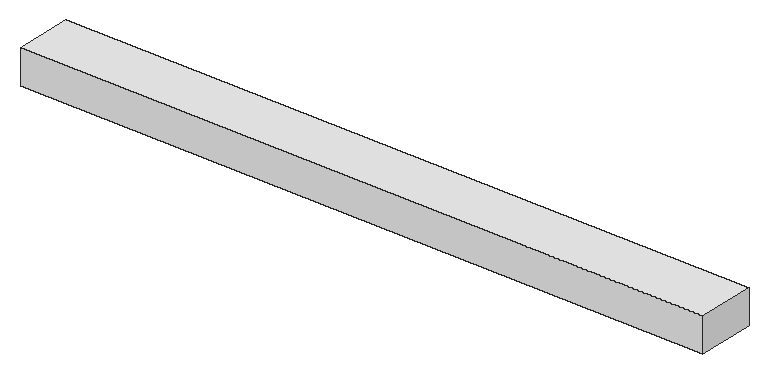
Revit family
Parameters (values of type "표준")
  d [instance] = 15 mm
  b [instance] = 25 mm
  보강재 재료 [instance] = 금속 - 스틸 - 345 MPa
  built-in parameter 1001306 [instance] = 300 mm
Reference planes
  plane 1 "중심(앞/뒤)": y = 0
  plane 2: z = 0
  plane 3 "왼쪽": x = 0
  plane 4 "오른쪽": x = 300
Forms (mm)
  Sweep 1, solid, material "금속 - 스틸 - 345 MPa" <- "보강재 재료", detail levels medium+fine
    path in 3D
      loop
        line (0, 0, 0) -> (300, 0, 0)
    profile origin (150, 0, 0) x (0, 1, 0) y (0, 0, 1)
      loop
        line (-25, 15) -> (-25, 0) -> (0, 0) -> (0, 15) -> (-25, 15)
Lines and regions (mm)
  reference lines
    curve 1: line (0, 0, 0) -> (300, 0, 0)
  sketch lines
    curve 2: line (0, 0, 0) -> (300, 0, 0)
Dimensions and locks
  "built-in parameter 1001306": plane 3 "왼쪽" to plane 4 "오른쪽"
  "b": Sweep 1 sketch curve to Sweep 1 sketch curve
  "d": Sweep 1 sketch curve to Sweep 1 sketch curve
  aligned and locked: plane 4 "오른쪽" to curve 1
  aligned and locked: plane 1 "중심(앞/뒤)" to curve 1
  aligned and locked: plane 3 "왼쪽" to curve 1
  aligned and locked: profile plane to Sweep 1 sketch curve  (x2)
